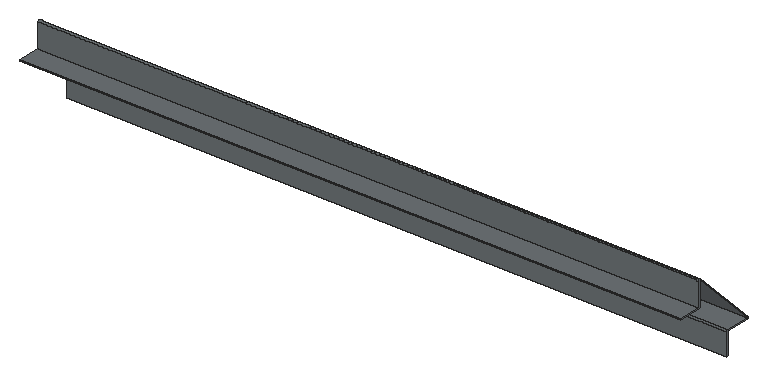
Revit family "BIMLIB_ПланкаУглаВнешнегоСоставнаяНижняя_GRANDLINE", category Обобщенные модели, Revit 2017
Family settings
  Может служить основой для арматурных стержней = Нет
  Размер круглого соединителя = Использовать диаметр
  Тип детали = Нормальный
  При загрузке вырезать с полостями = Нет
  Общий = Нет
  Точка расчета площади = Нет
Parameters (values of type "Планка угла внешнего составная нижняя")
  Смещение от плоскости [instance] = 0 mm
  Описание = ADSK_Наименование  # "Планка угла внешнего составная нижняя"
  Изготовитель = "Grand Line"  # constant formula
  built-in parameter 1001306 [instance] = 500 mm
  Watermark [instance] = "Модели защищены уникальным кодом"
  URL = "https://www.grandline.ru"
  BL_Разработано = "support@bimlib.pro"
  BL_Email = "info@grandline.ru"
  BL_BIM library = "https://bimlib.pro/manufacturer/company/22430"
  ADSK_Размер_Длина [instance] = [built-in parameter 1001306]  # 500 mm
  ADSK_Обозначение = "ГОСТ 19904-90, ГОСТ 14918-80"
  ADSK_Наименование = "Планка угла внешнего составная нижняя"
  ADSK_Материал тип подсчета = 1  # constant formula
  ADSK_Материал = GL_Drap_RAL7016
  ADSK_Масса_Текст [instance] = ""
  ADSK_Масса [instance] = 0
  ADSK_Марка = ""
  ADSK_Количество [instance] = if(ADSK_Материал тип подсчета = 0, 1, if(ADSK_Материал тип подсчета = 1, ADSK_Размер_Длина / 1000 mm, 0))  # 0.5
  ADSK_Код изделия = "M12.108.06"  # constant formula
  ADSK_Завод-изготовитель = "Grand Line"  # constant formula
  ADSK_Единица измерения = "м"  # constant formula
  ADSK_Группирование = "Доборные элементы"  # constant formula
  ADSK_Версия Revit = "2017"  # constant formula
  ADSK_URL страницы изделия = "https://www.grandline.ru/planka-ugla-vneshnego-sostavnaya-nizhnyaya-0-45-pe-foil-ral-1014-62233.html"
  ADSK_URL документации изделия = "https://www.grandline.ru/uploads/files/chertezhi_vse/dobornye_elementy/de_saiyding_fasad/Planka-ugla-vnesnego-sostavnaa-niznaa.jpg"
Reference planes
  plane 1 "По центру (Вперед/Назад)": y = 0
  plane 2: z = 0
  plane 3 "Слева": x = 0
  plane 4 "Справа": x = 500
Forms (mm)
  Sweep 1, solid, material "GL_Drap_RAL7016" <- "ADSK_Материал"
    path in 3D
      loop
        line (0, 0, 0) -> (500, 0, 0)
    profile "Профиль_ПланкаУглаВнешнегоСоставнаяНижняя : Профиль" origin (250, 0, 0) x (0, 1, 0) y (0, 0, 1)
      loop
        line (19.764, -25.774) -> (-25.774, 19.764)
        arc (-25.774, 19.764) -> (-26.651, 19.939) -> (-27.147, 19.196) r 0.804
        line (-27.147, 19.196) -> (-27.147, 0.8) -> (-44.147, 0.8) -> (-44.147, 0) -> (-27.131, 0)
        arc (-27.131, 0) -> (-26.577, 0.23) -> (-26.347, 0.784) r 0.784
        line (-26.347, 0.784) -> (-26.347, 19.206) -> (19.206, -26.347) -> (0.784, -26.347)
        arc (0.784, -26.347) -> (0.23, -26.577) -> (0, -27.131) r 0.784
        line (0, -27.131) -> (0, -44.147) -> (0.8, -44.147) -> (0.8, -27.147) -> (19.196, -27.147)
        arc (19.196, -27.147) -> (19.939, -26.651) -> (19.764, -25.774) r 0.804
Lines and regions (mm)
  reference lines
    curve 1: line (0, 0, 0) -> (500, 0, 0)
  sketch lines
    curve 2: line (0, 0, 0) -> (500, 0, 0)
Dimensions and locks
  "built-in parameter 1001306": plane 3 "Слева" to plane 4 "Справа"
  aligned and locked: plane 4 "Справа" to curve 1
  aligned and locked: plane 1 "По центру (Вперед/Назад)" to curve 1
  aligned and locked: plane 3 "Слева" to curve 1
  aligned and locked: level to plane 2
